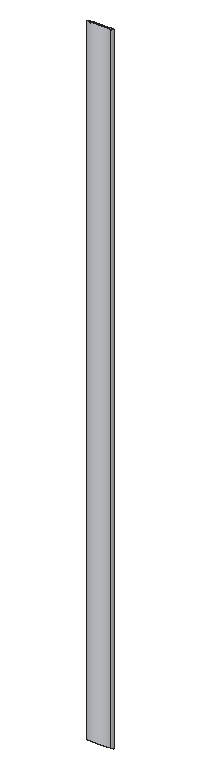
Revit family "Baluster - Round1", category Balusters, Revit 2019
Family settings
  Always vertical = Yes
  Cut with Voids When Loaded = No
  Shared = No
Parameters (values of type "1" 2")
  built-in parameter 1008623 [instance] = 32.47°
  built-in parameter 1008625 [instance] = (empty or 0)
  Post = no
  Diameter = 0' - 1"
  built-in parameter 1008624 [instance] = 32.47°
  Baluster Material = none
  built-in parameter 1008622 [instance] = 2' - 6"
Reference planes (in)
  plane 1 "Center (Front/Back)": y = 0
  plane 2: z = 0
  plane 3 "Center (Left/Right)": x = 0
  plane 4 "Top": z = 30
  plane 5 "Top Cut Angle": through (0, 13.58797, 21.35351) normal (0, -0.5369, -0.8437)
  plane 6: z = 39
  plane 7: x = -0.5
  plane 8: x = 0.5
  plane 9 "Bottom Cut Angle": through (0, 0, 0) normal (0, -0.5369, -0.8437)
  plane 10: z = -9
  plane 11: x = -1
  plane 12: x = 1
  plane 13: y = 1
  plane 14: y = -1
Forms (in)
  Extrusion 1, solid, material <- "Baluster Material"
    sketch origin (0, 0, 0) x (1, 0, 0) y (0, 1, 0)
      loop
        circle (0, 0) r 0.5
    from -9 to 39
  Extrusion 2, void
    sketch origin (0, 0, 0) x (0, 1, 0) y (0, 0, 1)
      loop
        line (-1, 39) -> (-1, 30.63633) -> (1, 29.36367) -> (1, 39) -> (-1, 39)
      loop
        line (1, -9) -> (1, -0.63633) -> (-1, 0.63633) -> (-1, -9) -> (1, -9)
    from -1 to 1
Cuts and joins
  Extrusion 2 cuts Extrusion 1
Dimensions and locks (in)
  "built-in parameter 1008622": plane 2 to plane 4 "Top"
  locked: plane 4 "Top" to plane 6 at 9
  equal spacing: plane 7, plane 3 "Center (Left/Right)", plane 8
  "Diameter": plane 7 to plane 8
  locked: level to plane 10 at 9
  "Diameter": plane 11 to plane 3 "Center (Left/Right)"
  "Diameter": plane 3 "Center (Left/Right)" to plane 12
  "Diameter": plane 1 "Center (Front/Back)" to plane 13
  "Diameter": plane 14 to plane 1 "Center (Front/Back)"
  "built-in parameter 1008623": angle plane 4 "Top" to plane 5 "Top Cut Angle"
  "built-in parameter 1008624": angle level to plane 9 "Bottom Cut Angle"
  aligned and locked: Extrusion 1 to plane 6
  aligned and locked: plane 11 to Extrusion 2
  aligned and locked: Extrusion 2 to plane 12
  aligned and locked: plane 6 to Extrusion 2 sketch curve
  aligned and locked: Extrusion 2 sketch curve to plane 13  (x2)
  aligned and locked: Extrusion 2 sketch curve to plane 14  (x2)
  aligned and locked: Extrusion 2 sketch curve to plane 10
  aligned and locked: Extrusion 2 sketch curve to plane 9 "Bottom Cut Angle"
  aligned and locked: Extrusion 2 to Extrusion 1
Automatic sketch dimensions
  Extrusion 1 sketch curve to plane 7 = 0' - 0"
  Extrusion 1 sketch curve to plane 1 "Center (Front/Back)" = 0' - 0"
  Extrusion 1 sketch curve to plane 3 "Center (Left/Right)" = 0' - 0"
  Extrusion 2 sketch curve to plane 5 "Top Cut Angle" = 0' - 0"  (x2)
